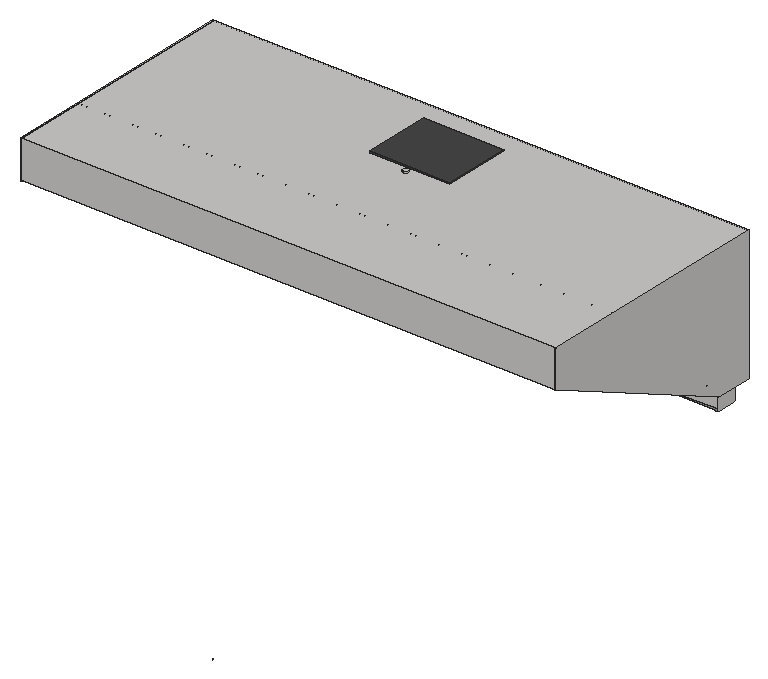
Revit family "QF_ELECTROLUXPROFESSIONAL_644185_AMPV920BT", category Specialty Equipment, Revit 2014
Reference planes
  plane 1: z = 0
  plane 2 "Center (Left/Right)": x = 150
  plane 3 "LEFT": x = -850
  plane 4 "RIGHT": x = 1150
  plane 5 "BACK": y = 550
  plane 6 "Plane": z = 2000
  plane 7 "TOP": z = 2140
  plane 8 "Base": z = 1640
  plane 9: z = 1566
  plane 10 "DrainY": y = 485
  plane 11: x = -847
  plane 12: through (0, 414.509, 1640.8) normal (0, 0.7314, 0.682)
  plane 13: y = 470
  plane 14: y = 220
  plane 15 "DrainX": x = 1030
  plane 16: x = 0
  plane 17: x = 300
  plane 18: x = 1147
  plane 19: x = 940
  plane 20: x = 1120
  plane 21: x = -810
  plane 22: x = 1110
  plane 23: x = -47.5
  plane 24: x = 347.5
  plane 25 "FRONT": y = -350
  plane 26 "Center (Front/Back)": y = 100
  plane 27: y = 200
Forms (mm)
  Extrusion 1, solid, material "QF_Finishes_Stainless Steel"
    sketch origin (-850, 0, 0) x (0, 1, 0) y (0, 0, 1)
      loop
        line (550, 1640) -> (550, 2140) -> (-350, 2140) -> (-350, 1998.736) -> (413.973, 1640) -> (550, 1640)
    from 0 to 3
  Extrusion 2, solid, material "QF_Finishes_Stainless Steel"
    sketch origin (150, 0, 0) x (0, 1, 0) y (0, 0, 1)
      loop
        line (415.255, 1640) -> (550, 1640) -> (550, 2139.19) -> (549.2, 2139.19) -> (549.2, 1640.8) -> (415.876, 1640.8) -> (339.347, 1722.867) -> (349.609, 1732.436) -> (348.927, 1733.167) -> (337.934, 1722.917) -> (415.255, 1640)
      loop
        line (-82.203, 2139.19) -> (-82.203, 2118.6) -> (-31.047, 2118.6) -> (34.354, 2048.466) -> (46.028, 2059.352) -> (45.346, 2060.083) -> (34.403, 2049.879) -> (-30.612, 2119.6) -> (-81.203, 2119.6) -> (-81.203, 2139.19) -> (-82.203, 2139.19)
    from -997 to 997
  Extrusion 3, solid, material "QF_Finishes_Stainless Steel"
    sketch origin (1150, 0, 0) x (0, 1, 0) y (0, 0, 1)
      loop
        line (550, 1640) -> (550, 2140) -> (-350, 2140) -> (-350, 1998.736) -> (413.973, 1640) -> (550, 1640)
    from 0 to -3
  Extrusion 4, solid, material "QF_Finishes_Stainless Steel"
    sketch origin (150, 0, 0) x (0, 1, 0) y (0, 0, 1)
      loop
        line (-350, 2140) -> (-350, 2000) -> (-349.2, 2000) -> (-349.2, 2139.19) -> (550, 2139.19) -> (550, 2140) -> (-350, 2140)
    from -1000 to 1000
  Extrusion 5, solid, material "QF_Finishes_Stainless Steel"
    sketch origin (150, 0, 0) x (0, 1, 0) y (0, 0, 1)
      loop
        line (534, 1640) -> (436, 1640) -> (436, 1627) -> (443.5, 1627) -> (443.5, 1576)
        arc (443.5, 1576) -> (446.429, 1568.929) -> (453.5, 1566) r 10
        line (453.5, 1566) -> (516.5, 1566)
        arc (516.5, 1566) -> (523.571, 1568.929) -> (526.5, 1576) r 10
        line (526.5, 1576) -> (526.5, 1627) -> (534, 1627) -> (534, 1640)
    from 790 to 970
  Extrusion 6, solid, material "QF_Finishes_Stainless Steel"
    sketch origin (0, 0, 1640) x (0, 1, 0) y (-1, 0, 0)
      loop
        circle (485, -1030) r 20
    from -76 to -74
  Extrusion 7, solid, material "QF_Finished_Chrome"
    sketch origin (150, 0, 0) x (0, 1, 0) y (0, 0, 1)
      loop
        line (337.934, 1722.917) -> (341.591, 1726.327) -> (38.011, 2051.876) -> (34.354, 2048.466) -> (337.934, 1722.917)
    from -197.5 to -960
  Extrusion 8, solid, material "QF_Finishes_Stainless Steel"
    sketch origin (150, 0, 0) x (0, 1, 0) y (0, 0, 1)
      loop
        line (337.934, 1722.917) -> (341.591, 1726.327) -> (38.011, 2051.876) -> (34.354, 2048.466) -> (337.934, 1722.917)
    from 997 to 960
  Extrusion 9, solid, material "QF_Finished_Chrome"
    sketch origin (150, 0, 0) x (0, 1, 0) y (0, 0, 1)
      loop
        line (341.588, 1726.324) -> (38.009, 2051.874) -> (34.354, 2048.466) -> (337.934, 1722.917) -> (341.588, 1726.324)
    from 197.5 to 960
  Extrusion 10, solid, material "QF_Finishes_Black"
    sketch origin (0, 0, 2140) x (0, 1, 0) y (-1, 0, 0)
      loop
        line (470, -300) -> (470, 0) -> (220, 0) -> (220, -300) -> (470, -300)
    from 5 to 0
  Extrusion 11, solid, material "QF_Finishes_Stainless Steel"
    sketch origin (0, 0, 0) x (1, 0, 0) y (0, 1, 0)
      loop
        line (-850, 550) -> (-850, 549) -> (-849, 549) -> (-849, 550) -> (-850, 550)
    from 0 to 1
  Extrusion 12, solid, material "QF_Finishes_Stainless Steel"
    sketch origin (150, 0, 0) x (0, 1, 0) y (0, 0, 1)
      loop
        line (337.934, 1722.917) -> (341.591, 1726.327) -> (38.011, 2051.876) -> (34.354, 2048.466) -> (337.934, 1722.917)
    from -960 to -997
  Extrusion 13, solid, material "QF_Finishes_Stainless Steel"
    sketch origin (150, 0, 0) x (0, 1, 0) y (0, 0, 1)
      loop
        line (337.934, 1722.917) -> (341.591, 1726.327) -> (38.011, 2051.876) -> (34.354, 2048.466) -> (337.934, 1722.917)
    from 197.5 to -197.5
  Extrusion 14, solid, material "QF_Finishes_Stainless Steel"
    sketch origin (0, 0, 2140) x (0, 1, 0) y (-1, 0, 0)
      loop
        circle (200, -150) r 10
    from 0 to 1.6
Cuts and joins
  joined: Extrusion 2, Extrusion 4
Lines and regions (mm)
  reference lines
    curve 1: line (150, 34.354, 2048.466) -> (150, 34.354, 1888.466)
  symbolic lines, style "SpecialityEquipment", detail levels coarse
    curve 2: line (1150, 550, 2140) -> (-850, 550, 2140)
    curve 3: line (-850, 550, 2140) -> (-850, -350, 2140)
    curve 4: line (1150, -350, 2140) -> (1150, 550, 2140)
    curve 5: line (-850, -350, 2140) -> (1150, -350, 2140)
    curve 6: line (300, 220, 2140) -> (0, 220, 2140)
    curve 7: line (300, 470, 2140) -> (300, 220, 2140)
    curve 8: line (0, 470, 2140) -> (300, 470, 2140)
    curve 9: line (0, 220, 2140) -> (0, 470, 2140)
    curve 10: line (-850, 550, 0) -> (1150, -350, 0)
    curve 11: line (1150, 550, 0) -> (-850, -350, 0)
Dimensions and locks
  plane 3 "LEFT" to plane 4 "RIGHT" = 2000 mm
  equal spacing: plane 3 "LEFT", plane 2 "Center (Left/Right)", plane 4 "RIGHT"
  locked: plane 6 "Plane" to level at 2000
  plane 7 "TOP" to plane 6 "Plane" = 140 mm
  locked: plane 7 "TOP" to plane 8 "Base" at 500
  plane 8 "Base" to plane 9 = 74 mm
  plane 5 "BACK" to plane 10 "DrainY" = 65 mm  (x2)
  plane 3 "LEFT" to plane 11 = 3 mm
  plane 5 "BACK" to plane 13 = 80 mm
  plane 13 to plane 14 = 250 mm  (x2)
  plane 15 "DrainX" to plane 4 "RIGHT" = 120 mm
  plane 18 to plane 4 "RIGHT" = 3 mm
  locked: plane 19 to plane 15 "DrainX" at 90
  locked: plane 15 "DrainX" to plane 20 at 90
  plane 13 to plane 5 "BACK" = 80 mm
  locked: plane 3 "LEFT" to plane 21 at 40
  locked: plane 22 to plane 4 "RIGHT" at 40
  locked: plane 23 to plane 24 at 395
  equal spacing: plane 23, plane 2 "Center (Left/Right)", plane 24
  locked: plane 16 to plane 17 at 300
  equal spacing: plane 16, plane 2 "Center (Left/Right)", plane 17
  plane 5 "BACK" to plane 25 "FRONT" = 900 mm  (x2)
  equal spacing: plane 5 "BACK", plane 26 "Center (Front/Back)", plane 25 "FRONT"
  plane 14 to plane 27 = 20 mm
  aligned and locked: level to plane 1
  aligned and locked: Extrusion 2 to Extrusion 1
  aligned and locked: Extrusion 2 to Extrusion 3
  aligned and locked: plane 4 "RIGHT" to Extrusion 4
  aligned and locked: Extrusion 4 to plane 3 "LEFT"
  aligned and locked: plane 18 to Extrusion 8
  aligned and locked: Extrusion 10 to plane 16
  aligned and locked: Extrusion 10 to plane 14
  aligned and locked: Extrusion 10 to plane 13
  aligned and locked: Extrusion 2 to Extrusion 4
  aligned and locked: plane 20 to Extrusion 5
  aligned and locked: Extrusion 5 to plane 19
  aligned and locked: Extrusion 8 to plane 22
  aligned and locked: Extrusion 9 to plane 22
  aligned and locked: Extrusion 7 to plane 21
  aligned and locked: Extrusion 12 to plane 11
  aligned and locked: plane 21 to Extrusion 12
  aligned and locked: Extrusion 3 to plane 18
  aligned and locked: Extrusion 10 to plane 17
  aligned and locked: plane 17 to curve 7
  aligned and locked: plane 24 to Extrusion 13
  aligned and locked: Extrusion 13 to plane 23
  aligned and locked: Extrusion 9 to plane 24
Automatic sketch dimensions
  curve 5 to plane 4 "RIGHT" = 0 mm
  curve 6 to plane 14 = 0 mm
  plane 13 to curve 8 = 0 mm
  curve 3 to plane 3 "LEFT" = 0 mm
  curve 3 to plane 5 "BACK" = 0 mm
  curve 6 to plane 16 = 0 mm
  Extrusion 2 sketch curve to plane 12 = 0 mm  (x3)
  Extrusion 2 sketch curve to plane 8 "Base" = 0 mm
  plane 12 to Extrusion 2 sketch curve = 0 mm
  Extrusion 2 sketch curve to plane 5 "BACK" = 0 mm
  Extrusion 2 sketch curve to Extrusion 2 sketch curve = 65.646 mm
  Extrusion 2 sketch curve to Extrusion 2 sketch curve = 0.682 mm  (x2)
  Extrusion 2 sketch curve to Extrusion 2 sketch curve = 10.261 mm
  plane 8 "Base" to Extrusion 2 sketch curve = 82.917 mm
  Extrusion 2 sketch curve to Extrusion 2 sketch curve = 10.942 mm
  Extrusion 2 sketch curve to Extrusion 2 sketch curve = 0.049 mm
  Extrusion 2 sketch curve to plane 7 "TOP" = 20.4 mm
  Extrusion 2 sketch curve to plane 7 "TOP" = 21.4 mm
  Extrusion 2 sketch curve to plane 7 "TOP" = 0.81 mm  (x2)
  Extrusion 2 sketch curve to Extrusion 2 sketch curve = 50.156 mm
  Extrusion 2 sketch curve to Extrusion 2 sketch curve = 1 mm
  plane 8 "Base" to Extrusion 2 sketch curve = 0.8 mm
  Extrusion 2 sketch curve to plane 5 "BACK" = 0.8 mm
  Extrusion 4 sketch curve to plane 6 "Plane" = 0 mm
  Extrusion 4 sketch curve to plane 5 "BACK" = 0 mm
  Extrusion 4 sketch curve to plane 7 "TOP" = 0 mm
  Extrusion 4 sketch curve to plane 7 "TOP" = 0.81 mm
  curve 1 to plane 12 = 0 mm
  curve 1 to plane 6 "Plane" = 111.534 mm
  Extrusion 5 sketch curve to plane 8 "Base" = 0 mm
  Extrusion 5 sketch curve to plane 9 = 0 mm
  Extrusion 5 sketch curve to plane 8 "Base" = 13 mm  (x2)
  plane 13 to Extrusion 5 sketch curve = 34 mm
  Extrusion 5 sketch curve to Extrusion 5 sketch curve = 7.5 mm  (x2)
  Extrusion 5 sketch curve to Extrusion 5 sketch curve = 10 mm
  plane 10 "DrainY" to Extrusion 5 sketch curve = 31.5 mm
  Extrusion 5 sketch curve to plane 5 "BACK" = 23.5 mm
  Extrusion 6 sketch curve to plane 10 "DrainY" = 0 mm
  Extrusion 6 sketch curve to plane 15 "DrainX" = 0 mm
  Extrusion 7 sketch curve to plane 12 = 0 mm  (x2)
  Extrusion 7 sketch curve to Extrusion 7 sketch curve = 3.657 mm
  plane 8 "Base" to Extrusion 7 sketch curve = 82.917 mm
  Extrusion 8 sketch curve to plane 12 = 0 mm  (x2)
  Extrusion 8 sketch curve to Extrusion 8 sketch curve = 3.657 mm
  plane 8 "Base" to Extrusion 8 sketch curve = 82.917 mm
  Extrusion 9 sketch curve to plane 12 = 0 mm  (x2)
  Extrusion 9 sketch curve to Extrusion 9 sketch curve = 3.655 mm
  plane 8 "Base" to Extrusion 9 sketch curve = 82.917 mm
  Extrusion 10 sketch curve to plane 14 = 0 mm
  plane 13 to Extrusion 10 sketch curve = 0 mm
  Extrusion 10 sketch curve to plane 17 = 0 mm
  Extrusion 10 sketch curve to plane 16 = 0 mm
  Extrusion 11 sketch curve to plane 3 "LEFT" = 0 mm
  Extrusion 11 sketch curve to plane 5 "BACK" = 0 mm
  plane 3 "LEFT" to Extrusion 11 sketch curve = 1 mm
  Extrusion 11 sketch curve to Extrusion 11 sketch curve = 1 mm
  Extrusion 12 sketch curve to plane 12 = 0 mm  (x2)
  Extrusion 12 sketch curve to Extrusion 12 sketch curve = 3.657 mm
  plane 8 "Base" to Extrusion 12 sketch curve = 82.917 mm
  Extrusion 13 sketch curve to plane 12 = 0 mm  (x2)
  Extrusion 13 sketch curve to Extrusion 13 sketch curve = 3.657 mm
  plane 8 "Base" to Extrusion 13 sketch curve = 82.917 mm
  Extrusion 4 sketch curve to Extrusion 4 sketch curve = 0.8 mm
  curve 5 to plane 14 = 570 mm
  plane 6 "Plane" to Extrusion 2 sketch curve = 48.466 mm
  Extrusion 4 sketch curve to plane 14 = 569.2 mm
  curve 1 to plane 14 = 185.646 mm
  plane 6 "Plane" to Extrusion 7 sketch curve = 51.876 mm
  plane 6 "Plane" to Extrusion 8 sketch curve = 51.876 mm
  plane 6 "Plane" to Extrusion 9 sketch curve = 51.874 mm
  plane 6 "Plane" to Extrusion 12 sketch curve = 51.876 mm
  plane 6 "Plane" to Extrusion 13 sketch curve = 51.876 mm
  Extrusion 3 sketch curve to plane 7 "TOP" = 0 mm
  Extrusion 3 sketch curve to plane 8 "Base" = 0 mm
  Extrusion 3 sketch curve to plane 5 "BACK" = 0 mm
  Extrusion 3 sketch curve to plane 25 "FRONT" = 0 mm
  plane 13 to Extrusion 3 sketch curve = 56.027 mm
  Extrusion 3 sketch curve to plane 6 "Plane" = 1.264 mm
  Extrusion 1 sketch curve to plane 7 "TOP" = 0 mm
  Extrusion 1 sketch curve to plane 8 "Base" = 0 mm
  Extrusion 1 sketch curve to plane 12 = 0.937 mm
  Extrusion 1 sketch curve to plane 5 "BACK" = 0 mm
  Extrusion 1 sketch curve to plane 25 "FRONT" = 0 mm
  Extrusion 1 sketch curve to plane 6 "Plane" = 1.264 mm
  curve 11 to plane 3 "LEFT" = 0 mm
  curve 10 to plane 3 "LEFT" = 0 mm
  curve 11 to plane 4 "RIGHT" = 0 mm
  curve 10 to plane 4 "RIGHT" = 0 mm
  curve 10 to plane 25 "FRONT" = 0 mm
  curve 11 to plane 25 "FRONT" = 0 mm
  curve 11 to plane 5 "BACK" = 0 mm
  curve 10 to plane 5 "BACK" = 0 mm
  Extrusion 14 sketch curve to plane 2 "Center (Left/Right)" = 0 mm
  Extrusion 14 sketch curve to plane 27 = 0 mm
  radius of Extrusion 6 sketch curve = 20 mm
  radius of Extrusion 14 sketch curve = 10 mm
Connectors
  piping at (1030, 485, 1564), diameter 20
    settings: on Extrusion 6, index 1, connector inside diameter 609.6 mm, connector length 0 mm, flow factor 0, pipe flow 0.0 L/s, pressure drop 0.0 Pa, fitting loss kfactor 0, connector angle 0.00°, fixture units 0, engagement length 0 mm, angle of deflection 0.00°, flow configuration 1, flow direction 2, fitting loss method 0, system type 16, joint type 0, gender type 0, connector reference index -1, connector utility 0, adjustable connector no, is connector primary yes, connector description "Drain"
  hvac at (150, 345, 2145)
    settings: on Extrusion 10, index 2, duct flow 0.0 L/s, flow factor 0, pres drop 0.0 Pa, loss coef 0, conn angle 0.00°, conn width 250 mm, conn height 300 mm, conn diameter 609.6 mm, duct sys type 3, conn prof type 1, flow config 0, flow direction 2, loss method 0, conn ref index -1, conn util no, is conn primary yes, conn desc "EXHAUST OUTLET"
  electrical at (150, 200, 2141.6)
    settings: on Extrusion 14, index 3, voltage 0 V, apparent load 0 VA, apparent load phase1 0 VA, apparent load phase2 0 VA, apparent load phase3 0 VA, power factor 1, load classification "Other", number of poles 1, system type 30, power factor state 1, is connector primary yes, connector utility no, sub classification motor no, connector description "Electrical Connection"
